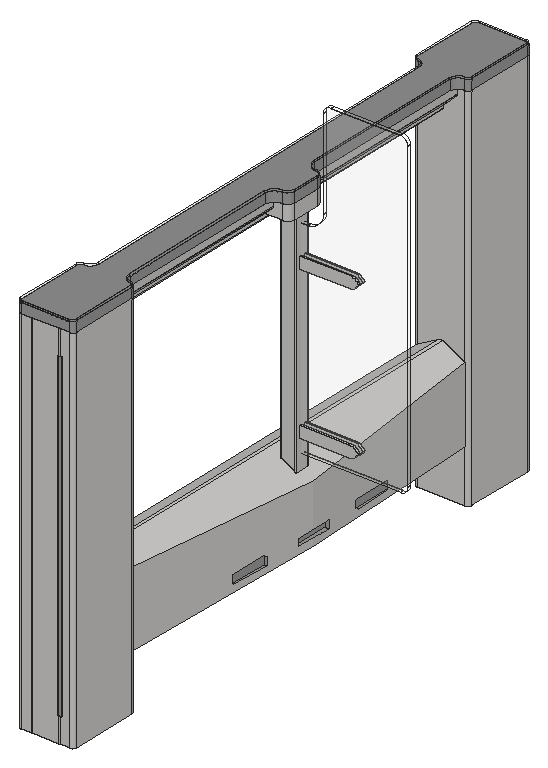
Revit family "CAME_Турникет_Скоростной_SWINGGATE_SWG55MРаздвижнойБоковойМодуль", category Специальное оборудование, Revit 2019
Family settings
  Размер круглого соединителя = Использовать диаметр
  Тип детали = Нормальный
  На основе рабочей плоскости = Нет
  Всегда вертикально = Да
  При загрузке вырезать с полостями = Нет
  Общий = Нет
  Точка расчета площади = Нет
Parameters
  х = 72.5 mm  # constant formula
  Описание = "Боковой модуль распашного турникета SWING GATE SWG55M, оснащенный платой управления и светодиодными указателями прохода и направления. Корпус - нержавеющая сталь. Сервопозиционный электропривод створки с определением препятствий и автоматической разблокировкой при отключении электроэнергии. Створка из 10 мм закаленного стекла. Ширина прохода 550 мм. Высота створки 1200 мм. Время открытия - 2 сек."
  Изготовитель = "CAME"  # constant formula
  Группа модели = "Турникеты"
  Watermark [instance] = "Модели защищены уникальным кодом"
  URL = "https://camerussia.com"
  CAME_Тип механизма турникета = "моторизованный"  # constant formula
  CAME_Напряжение электропитания двигателя (В) = 24 V  # constant formula
  CAME_Максимальное количество проходов в минуту = "30"  # constant formula
  CAME_Класс защиты (IP) = "44"  # constant formula
  CAME_Интенсивность использования (%) = "ИНТЕНСИВНОЕ"  # constant formula
  CAME_Диапазон рабочих температур (°C) = "-20 ÷ +68"  # constant formula
  CAME_Время открывания (с) = "2"  # constant formula
  BL_Разработано = "support@bimlib.pro"  # constant formula
  BL_Email = "cru.info@came.com"  # constant formula
  BL_BIM library = "https://bimlib.pro/manufacturer/came/cf0b6efe-31e5-4ffa-b7ea-1d6fa84041d4/?tab=products"
  ADSK_Размер_Ширина = 425 mm  # constant formula
  ADSK_Размер_Глубина = 1488 mm  # constant formula
  ADSK_Размер_Высота = 1000 mm  # constant formula
  ADSK_Полная мощность = ADSK_Номинальная мощность / ADSK_Коэффициент мощности  # 40.625 VA
  ADSK_Обозначение = "ТУ 26.30.50-001-89603926-2021"  # constant formula
  ADSK_Номинальная мощность = 39 W  # constant formula
  ADSK_Напряжение = 230 V  # constant formula
  ADSK_Наименование краткое = "Бок. модуль турникета SWING GATE SWG55, 550 мм, левый или правый"  # constant formula
  ADSK_Наименование = "Боковой модуль скоростного распашного турникета SWING GATE SWG55, ширина прохода 550 мм, левый или правый"  # constant formula
  ADSK_Масса_Текст = "60"  # constant formula
  ADSK_Масса = 60  # constant formula
  ADSK_Марка = "АРТ:001SWG55MS"  # constant formula
  ADSK_Коэффициент мощности = 0.96
  ADSK_Количество фаз = 1  # constant formula
  ADSK_Количество = 1  # constant formula
  ADSK_Код изделия = "Код КСР 26.30.50.119.61.2.07.09"  # constant formula
  ADSK_Классификация нагрузок = Прочее
  ADSK_Завод-изготовитель = "CAME"  # constant formula
  ADSK_Единица измерения = "шт."  # constant formula
  ADSK_Группирование = "SWING GATE"  # constant formula
  ADSK_Версия семейства = "1.0"  # constant formula
  ADSK_Версия Revit = "2019"  # constant formula
  ADSK_URL страницы изделия = "https://camerussia.com/product/001swg55ms/"
  ADSK_URL документации изделия = "https://camerussia.com/uploads/support/instructions/files/Инструкция%20Swing%20Gate%20SWG55-SWG90.pdf"
Reference planes
  plane 1 "По центру (Вперед/Назад)": y = 0
  plane 2: z = 0
  plane 3 "По центру (Влево/Вправо)": x = 0
  plane 4: y = 744
  plane 5: y = -744
  plane 6: z = 1000
  plane 7: x = 102.5
  plane 8: x = 352.5
  plane 9: x = -72.5
  plane 10: x = 72.5
  plane 11: z = 1200
  plane 12: y = 544
  plane 13: y = -544
  plane 14: z = 970
  plane 15: z = 105
  plane 16: z = 365
  plane 17: z = 312.5
  plane 18: z = 157.5
  plane 19: x = -5
  plane 20: x = 5
  plane 21: z = 930
  plane 22: z = 905
  plane 23: x = 202.5
  plane 24: x = 227.5
  plane 25: x = -36.25
  plane 26: x = 36.25
  plane 27: x = 36.25
Forms (mm)
  Extrusion 1, solid, material "CAME_Стекло_Закаленное_Черное", detail levels fine
    sketch origin (-925.693, -1524, 1000) x (-1, 0, 0) y (0, -1, 0)
      loop
        arc (-863.193, -2268) -> (-856.122, -2265.071) -> (-853.193, -2258) r 10
        line (-853.193, -2258) -> (-853.193, -2078)
        arc (-853.193, -2078) -> (-856.122, -2070.929) -> (-863.193, -2068) r 10
        arc (-863.193, -2068) -> (-879.103, -2061.41) -> (-885.693, -2045.5) r 22.5
        line (-885.693, -2045.5) -> (-885.693, -1002.5)
        arc (-885.693, -1002.5) -> (-879.103, -986.59) -> (-863.193, -980) r 22.5
        arc (-863.193, -980) -> (-856.122, -977.071) -> (-853.193, -970) r 10
        line (-853.193, -970) -> (-853.193, -790)
        arc (-853.193, -790) -> (-856.122, -782.929) -> (-863.193, -780) r 10
        line (-863.193, -780) -> (-988.193, -780)
        arc (-988.193, -780) -> (-995.264, -782.929) -> (-998.193, -790) r 10
        line (-998.193, -790) -> (-998.193, -970)
        arc (-998.193, -970) -> (-995.264, -977.071) -> (-988.193, -980) r 10
        arc (-988.193, -980) -> (-972.283, -986.59) -> (-965.693, -1002.5) r 22.5
        line (-965.693, -1002.5) -> (-965.693, -1444)
        arc (-965.693, -1444) -> (-973.016, -1461.678) -> (-990.693, -1469) r 25
        arc (-990.693, -1469) -> (-1003.053, -1474.12) -> (-1008.173, -1486.479) r 17.479
        line (-1008.173, -1486.479) -> (-1008.173, -1561.521)
        arc (-1008.173, -1561.521) -> (-1003.053, -1573.88) -> (-990.693, -1579) r 17.479
        arc (-990.693, -1579) -> (-973.016, -1586.322) -> (-965.693, -1604) r 25
        line (-965.693, -1604) -> (-965.693, -2045.5)
        arc (-965.693, -2045.5) -> (-972.283, -2061.41) -> (-988.193, -2068) r 22.5
        arc (-988.193, -2068) -> (-995.264, -2070.929) -> (-998.193, -2078) r 10
        line (-998.193, -2078) -> (-998.193, -2258)
        arc (-998.193, -2258) -> (-995.264, -2265.071) -> (-988.193, -2268) r 10
        line (-988.193, -2268) -> (-863.193, -2268)
    from 0 to -5
  Extrusion 2, solid, material "CAME_Сталь_Нержавеющая_AISI 304", detail levels fine
    sketch origin (0, 0, 0) x (1, 0, 0) y (0, 1, 0)
      loop
        arc (-72.5, -734) -> (-69.571, -741.071) -> (-62.5, -744) r 10
        line (-62.5, -744) -> (62.5, -744)
        arc (62.5, -744) -> (69.571, -741.071) -> (72.5, -734) r 10
        line (72.5, -734) -> (72.5, -554)
        arc (72.5, -554) -> (69.571, -546.929) -> (62.5, -544) r 10
        line (62.5, -544) -> (-62.5, -544)
        arc (-62.5, -544) -> (-69.571, -546.929) -> (-72.5, -554) r 10
        line (-72.5, -554) -> (-72.5, -734)
      loop
        line (-72.5, 734) -> (-72.5, 554)
        arc (-72.5, 554) -> (-69.571, 546.929) -> (-62.5, 544) r 10
        line (-62.5, 544) -> (62.5, 544)
        arc (62.5, 544) -> (69.571, 546.929) -> (72.5, 554) r 10
        line (72.5, 554) -> (72.5, 734)
        arc (72.5, 734) -> (69.571, 741.071) -> (62.5, 744) r 10
        line (62.5, 744) -> (-62.5, 744)
        arc (-62.5, 744) -> (-69.571, 741.071) -> (-72.5, 734) r 10
    from 0 to 970
  Extrusion 3, solid, material "CAME_Камень_Гранитный_SGL01", detail levels fine
    sketch origin (-925.693, -1524, 1000) x (-1, 0, 0) y (0, -1, 0)
      loop
        arc (-863.193, -2068) -> (-879.103, -2061.41) -> (-885.693, -2045.5) r 22.5
        line (-885.693, -2045.5) -> (-885.693, -1002.5)
        arc (-885.693, -1002.5) -> (-879.103, -986.59) -> (-863.193, -980) r 22.5
        arc (-863.193, -980) -> (-856.122, -977.071) -> (-853.193, -970) r 10
        line (-853.193, -970) -> (-853.193, -790)
        arc (-853.193, -790) -> (-856.122, -782.929) -> (-863.193, -780) r 10
        line (-863.193, -780) -> (-988.193, -780)
        arc (-988.193, -780) -> (-995.264, -782.929) -> (-998.193, -790) r 10
        line (-998.193, -790) -> (-998.193, -970)
        arc (-998.193, -970) -> (-995.264, -977.071) -> (-988.193, -980) r 10
        arc (-988.193, -980) -> (-972.283, -986.59) -> (-965.693, -1002.5) r 22.5
        line (-965.693, -1002.5) -> (-965.693, -1444)
        arc (-965.693, -1444) -> (-973.016, -1461.678) -> (-990.693, -1469) r 25
        arc (-990.693, -1469) -> (-1003.053, -1474.12) -> (-1008.173, -1486.479) r 17.479
        line (-1008.173, -1486.479) -> (-1008.173, -1561.521)
        arc (-1008.173, -1561.521) -> (-1003.053, -1573.88) -> (-990.693, -1579) r 17.479
        arc (-990.693, -1579) -> (-973.016, -1586.322) -> (-965.693, -1604) r 25
        line (-965.693, -1604) -> (-965.693, -2045.5)
        arc (-965.693, -2045.5) -> (-972.283, -2061.41) -> (-988.193, -2068) r 22.5
        arc (-988.193, -2068) -> (-995.264, -2070.929) -> (-998.193, -2078) r 10
        line (-998.193, -2078) -> (-998.193, -2258)
        arc (-998.193, -2258) -> (-995.264, -2265.071) -> (-988.193, -2268) r 10
        line (-988.193, -2268) -> (-863.193, -2268)
        arc (-863.193, -2268) -> (-856.122, -2265.071) -> (-853.193, -2258) r 10
        line (-853.193, -2258) -> (-853.193, -2078)
        arc (-853.193, -2078) -> (-856.122, -2070.929) -> (-863.193, -2068) r 10
    from -5 to -30
  Extrusion 4, solid, material "CAME_Сталь_Нержавеющая_AISI 304", detail levels fine
    sketch origin (-474.43, -1524, 105) x (-1, 0, 0) y (0, -1, 0)
      loop
        line (-411.93, -2068) -> (-411.93, -980) -> (-536.93, -980)
        arc (-536.93, -980) -> (-576.93, -1524) -> (-536.93, -2068) r 3719.2
        line (-536.93, -2068) -> (-411.93, -2068)
    from 0 to 260
  Extrusion 5, void
    sketch origin (0, 0, 0) x (-1, 0, 0) y (0, 0, 1)
      loop
        line (-5, 365) -> (-102.5, 365) -> (-102.5, 310.955) -> (-5, 365)
      loop
        line (5, 365) -> (105, 309.569) -> (105, 365) -> (5, 365)
      loop
        line (-5, 105) -> (-102.5, 159.045) -> (-102.5, 105) -> (-5, 105)
      loop
        line (5, 105) -> (105, 105) -> (105, 160.431) -> (5, 105)
    from -554 to 554
  Extrusion 6, solid, material "CAME_Сталь_Нержавеющая_AISI 304", detail levels fine
    sketch origin (0, 0, 0) x (1, 0, 0) y (0, 0, 1)
      loop
        line (-40, 970) -> (-40, 952.071)
        arc (-40, 952.071) -> (-39.619, 950.158) -> (-38.536, 948.536) r 5
        line (-38.536, 948.536) -> (-21.464, 931.464)
        arc (-21.464, 931.464) -> (-19.842, 930.381) -> (-17.929, 930) r 5
        line (-17.929, 930) -> (-10, 930)
        arc (-10, 930) -> (-6.464, 928.536) -> (-5, 925) r 5
        line (-5, 925) -> (-5, 907.019)
        arc (-5, 907.019) -> (-4.409, 905.591) -> (-2.981, 905) r 2.019
        line (-2.981, 905) -> (3, 905)
        arc (3, 905) -> (4.414, 905.586) -> (5, 907) r 2
        line (5, 907) -> (5, 925)
        arc (5, 925) -> (6.464, 928.536) -> (10, 930) r 5
        line (10, 930) -> (17.929, 930)
        arc (17.929, 930) -> (19.842, 930.381) -> (21.464, 931.464) r 5
        line (21.464, 931.464) -> (38.536, 948.536)
        arc (38.536, 948.536) -> (39.619, 950.158) -> (40, 952.071) r 5
        line (40, 952.071) -> (40, 970) -> (-40, 970)
    from -544 to 544
  Extrusion 7, solid, material "CAME_Сталь_Нержавеющая_AISI 304", detail levels fine
    sketch origin (-925.693, -1524, 970) x (-1, 0, 0) y (0, -1, 0)
      loop
        arc (-1008.173, -1561.521) -> (-1003.053, -1573.88) -> (-990.693, -1579) r 17.479
        line (-990.693, -1579) -> (-885.693, -1579) -> (-885.693, -1469) -> (-990.693, -1469)
        arc (-990.693, -1469) -> (-1003.053, -1474.12) -> (-1008.173, -1486.479) r 17.479
        line (-1008.173, -1486.479) -> (-1008.173, -1561.521)
    from 0 to -40
  Extrusion 8, solid, material "CAME_Сталь_Нержавеющая_AISI 304", detail levels fine
    sketch origin (-435.329, -1524, 930) x (-1, 0, 0) y (0, -1, 0)
      loop
        arc (-469.829, -1544) -> (-468.415, -1543.414) -> (-467.829, -1542) r 2
        line (-467.829, -1542) -> (-467.829, -1506)
        arc (-467.829, -1506) -> (-468.415, -1504.586) -> (-469.829, -1504) r 2
        line (-469.829, -1504) -> (-505.829, -1504)
        arc (-505.829, -1504) -> (-507.244, -1504.586) -> (-507.829, -1506) r 2
        line (-507.829, -1506) -> (-507.829, -1542)
        arc (-507.829, -1542) -> (-507.244, -1543.414) -> (-505.829, -1544) r 2
        line (-505.829, -1544) -> (-469.829, -1544)
    from 0 to -617.5
  Extrusion 9, solid, material "CAME_Стекло_Закаленное", detail levels medium+fine
    sketch origin (0, 0, 0) x (1, 0, 0) y (0, 0, 1)
      loop
        line (72.5, 365) -> (332.5, 365)
        arc (332.5, 365) -> (346.642, 370.858) -> (352.5, 385) r 20
        line (352.5, 385) -> (352.5, 1180)
        arc (352.5, 1180) -> (346.642, 1194.142) -> (332.5, 1200) r 20
        line (332.5, 1200) -> (152.5, 1200)
        arc (152.5, 1200) -> (138.358, 1194.142) -> (132.5, 1180) r 20
        line (132.5, 1180) -> (132.5, 945)
        arc (132.5, 945) -> (120.784, 916.716) -> (92.5, 905) r 40
        line (92.5, 905) -> (72.5, 905) -> (72.5, 365)
    from -5 to 5
  Extrusion 10, solid, material "CAME_Сталь_Нержавеющая_AISI 304", detail levels fine
    sketch origin (0, 0, 0) x (1, 0, 0) y (0, 0, 1)
      loop
        line (72.5, 405) -> (202.5, 405)
        arc (202.5, 405) -> (217.077, 409.038) -> (227.5, 420) r 28.333
        arc (227.5, 420) -> (217.077, 430.962) -> (202.5, 435) r 28.333
        line (202.5, 435) -> (72.5, 435) -> (72.5, 405)
      loop
        line (72.5, 830) -> (72.5, 800) -> (202.5, 800)
        arc (202.5, 800) -> (217.077, 804.038) -> (227.5, 815) r 28.333
        arc (227.5, 815) -> (217.077, 825.962) -> (202.5, 830) r 28.333
        line (202.5, 830) -> (72.5, 830)
    from 5 to 10
  Extrusion 11, solid, material "CAME_Сталь_Нержавеющая_AISI 304", detail levels fine
    sketch origin (0, 0, 0) x (1, 0, 0) y (0, 0, 1)
      loop
        line (202.5, 435) -> (72.5, 435) -> (72.5, 405) -> (202.5, 405)
        arc (202.5, 405) -> (217.077, 409.038) -> (227.5, 420) r 28.333
        arc (227.5, 420) -> (217.077, 430.962) -> (202.5, 435) r 28.333
      loop
        line (72.5, 800) -> (202.5, 800)
        arc (202.5, 800) -> (217.077, 804.038) -> (227.5, 815) r 28.333
        arc (227.5, 815) -> (217.077, 825.962) -> (202.5, 830) r 28.333
        line (202.5, 830) -> (72.5, 830) -> (72.5, 800)
    from -10 to -5
  Extrusion 12, void
    sketch origin (102.5, 921.151, 1200) x (0, -1, 0) y (0, 0, 1)
      loop
        line (871.151, -1002.5) -> (871.151, -1022.5) -> (971.151, -1022.5) -> (971.151, -1002.5) -> (871.151, -1002.5)
      loop
        line (1071.151, -1002.5) -> (1071.151, -1022.5) -> (1171.151, -1022.5) -> (1171.151, -1002.5) -> (1071.151, -1002.5)
      loop
        line (771.151, -1002.5) -> (671.151, -1002.5) -> (671.151, -1022.5) -> (771.151, -1022.5) -> (771.151, -1002.5)
    from 0 to 10.5
  Extrusion 13, void
    sketch origin (0, 0, 0) x (1, 0, 0) y (0, 1, 0)
      loop
        arc (-34.75, -744) -> (-36.25, -742.5) -> (-37.75, -744) r 1.5
        line (-37.75, -744) -> (-34.75, -744)
      loop
        arc (37.75, -744) -> (36.25, -742.5) -> (34.75, -744) r 1.5
        line (34.75, -744) -> (37.75, -744)
      loop
        line (-34.75, 744) -> (-37.75, 744)
        arc (-37.75, 744) -> (-36.25, 742.5) -> (-34.75, 744) r 1.5
      loop
        line (37.75, 744) -> (34.75, 744)
        arc (34.75, 744) -> (36.25, 742.5) -> (37.75, 744) r 1.5
    from 0 to 970
  Extrusion 14, void
    sketch origin (0, 0, 0) x (1, 0, 0) y (0, 1, 0)
      loop
        line (31.25, -744) -> (41.25, -744) -> (41.25, -739) -> (31.25, -739) -> (31.25, -744)
      loop
        line (31.25, 744) -> (31.25, 739) -> (41.25, 739) -> (41.25, 744) -> (31.25, 744)
    from 65 to 905
  Extrusion 15, solid, material "Индикатор синий", detail levels fine
    sketch origin (0, 0, 0) x (1, 0, 0) y (0, 1, 0)
      loop
        line (31.25, 744) -> (31.25, 739) -> (41.25, 739) -> (41.25, 744) -> (31.25, 744)
      loop
        line (31.25, -739) -> (31.25, -744) -> (41.25, -744) -> (41.25, -739) -> (31.25, -739)
    from 65 to 905
  Extrusion 16, solid, material "CAME_Сталь_Нержавеющая_AISI 304", detail levels medium
    sketch origin (0, 0, 0) x (0, 1, 0) y (0, 0, 1)
      loop
        line (744, 0) -> (744, 1000) -> (-744, 1000) -> (-744, 0) -> (-544, 0) -> (-544, 105) -> (544, 105) -> (544, 0) -> (744, 0)
      loop
        line (-544, 365) -> (-20, 365) -> (-20, 905) -> (-544, 905) -> (-544, 365)
      loop
        line (544, 905) -> (20, 905) -> (20, 365) -> (544, 365) -> (544, 905)
    from -72.5 to 72.5
Cuts and joins
  Extrusion 12, Extrusion 13, Extrusion 14 cuts Extrusion 2
  Extrusion 5, Extrusion 12 cuts Extrusion 4
  Extrusion 12 cuts Extrusion 8
  joined: Extrusion 2, Extrusion 4, Extrusion 8
  joined: Extrusion 6, Extrusion 7
Lines and regions (mm)
  model lines, style "CAME", detail levels coarse
    curve 1: line (-40, -544, 0) -> (-40, 544, 0)
    curve 2: line (40, -544, 0) -> (40, 544, 0)
    curve 3: line (-72.5, 744, 0) -> (72.5, 744, 0)
    curve 4: line (-72.5, 544, 0) -> (-72.5, 744, 0)
    curve 5: line (72.5, 544, 0) -> (40, 544, 0)
    curve 6: line (72.5, 744, 0) -> (72.5, 544, 0)
    curve 7: line (-72.5, -744, 0) -> (72.5, -744, 0)
    curve 8: line (-72.5, -544, 0) -> (-72.5, -744, 0)
    curve 9: line (72.5, -544, 0) -> (40, -544, 0)
    curve 10: line (72.5, -744, 0) -> (72.5, -544, 0)
    curve 11: line (40, 0, 0) -> (352.5, 0, 0)
    curve 12: line (-40, -544, 0) -> (-72.5, -544, 0)
    curve 13: line (-40, 544, 0) -> (-72.5, 544, 0)
Dimensions and locks
  equal spacing: plane 5, plane 1 "По центру (Вперед/Назад)", plane 4
  "ADSK_Размер_Глубина": plane 5 to plane 4
  "ADSK_Размер_Высота": plane 6 to plane 2
  locked: plane 9 to plane 7 at 175
  "х": plane 9 to plane 3 "По центру (Влево/Вправо)" to plane 10
  locked: plane 11 to plane 2 at 1200
  locked: plane 4 to plane 12 at 200
  locked: plane 13 to plane 5 at 200
  Extrusion 1 sketch curve to plane 3 "По центру (Влево/Вправо)" to Extrusion 1 sketch curve = 40 mm locked, 40 mm locked
  locked: plane 3 "По центру (Влево/Вправо)" to Extrusion 1 sketch curve at 82.479
  locked: plane 6 to plane 14 at 30
  locked: plane 5 to Extrusion 2 sketch curve at 200
  locked: plane 4 to Extrusion 2 sketch curve at 200
  locked: plane 16 to plane 15 at 260
  locked: plane 17 to plane 18 at 155
  locked: plane 15 to plane 2 at 105
  locked: plane 18 to plane 15 at 52.5
  plane 19 to plane 3 "По центру (Влево/Вправо)" to plane 20 = 5 mm locked, 5 mm locked
  locked: plane 14 to plane 21 at 40
  locked: plane 14 to plane 22 at 65
  Extrusion 6 sketch curve to Extrusion 6 sketch curve to Extrusion 6 sketch curve to Extrusion 6 sketch curve to Extrusion 6 sketch curve to plane 3 "По центру (Влево/Вправо)" to Extrusion 6 sketch curve to Extrusion 6 sketch curve to Extrusion 6 sketch curve to Extrusion 6 sketch curve to Extrusion 6 sketch curve = 5 mm locked, 17.071 mm locked, 7.929 mm locked, 5 mm locked, 5 mm locked, 5 mm locked, 5 mm locked, 7.929 mm locked, 17.071 mm locked, 5 mm locked
  Extrusion 6 sketch curve to Extrusion 6 sketch curve to plane 21 to Extrusion 6 sketch curve = 17.071 mm locked, 5 mm locked, 5 mm locked  (x2)
  locked: Extrusion 4 sketch curve to plane 4 at 200
  locked: plane 5 to Extrusion 4 sketch curve at 200
  Extrusion 4 sketch curve to plane 3 "По центру (Влево/Вправо)" to Extrusion 4 sketch curve = 62.5 mm locked, 62.5 mm locked  (x2)
  plane 3 "По центру (Влево/Вправо)" to Extrusion 8 sketch curve to Extrusion 8 sketch curve = 32.5 mm locked, 40 mm locked
  locked: Extrusion 9 sketch curve to Extrusion 9 sketch curve at 220
  Extrusion 10 sketch curve to Extrusion 10 sketch curve to plane 16 = 30 mm locked, 40 mm locked
  plane 22 to Extrusion 10 sketch curve to Extrusion 10 sketch curve = 75 mm locked, 30 mm locked
  Extrusion 12 sketch curve to Extrusion 12 sketch curve to plane 18 = 20 mm locked, 20 mm locked
  Extrusion 12 sketch curve to Extrusion 12 sketch curve to Extrusion 12 sketch curve to plane 1 "По центру (Вперед/Назад)" to Extrusion 12 sketch curve to Extrusion 12 sketch curve to Extrusion 12 sketch curve = 100 mm locked, 100 mm locked, 50 mm locked, 50 mm locked, 100 mm locked, 100 mm locked
  plane 9 to plane 25 to plane 3 "По центру (Влево/Вправо)" to plane 26 to plane 10 = 36.25 mm, 36.25 mm, 36.25 mm, 36.25 mm
  plane 3 "По центру (Влево/Вправо)" to plane 27 to plane 10 = 36.25 mm, 36.25 mm
  locked: plane 5 to Extrusion 14 sketch curve at 5
  Extrusion 14 sketch curve to plane 27 to Extrusion 14 sketch curve = 5 mm locked, 5 mm locked  (x2)
  locked: plane 4 to Extrusion 16 sketch curve at 200
  locked: Extrusion 16 sketch curve to plane 5 at 200
  Extrusion 16 sketch curve to plane 1 "По центру (Вперед/Назад)" to Extrusion 16 sketch curve = 20 mm locked, 20 mm locked
  locked: plane 5 to curve 12 at 200
  plane 4 to curve 13 = 200 mm
  curve 1 to plane 3 "По центру (Влево/Вправо)" to curve 2 = 40 mm locked, 40 mm locked
  Extrusion 8 sketch curve to plane 1 "По центру (Вперед/Назад)" to Extrusion 8 sketch curve = 20 mm locked, 20 mm locked
  plane 9 to Extrusion 4 sketch curve = 10 mm
  "ADSK_Размер_Ширина": plane 9 to plane 8
  radius of Extrusion 1 sketch curve = 10 mm  (x2)
  radius of Extrusion 1 sketch curve = 25 mm  (x2)
  radius of Extrusion 2 sketch curve = 10 mm  (x4)
  radius of Extrusion 6 sketch curve = 5 mm  (x6)
  radius of Extrusion 6 sketch curve = 2.019 mm
  radius of Extrusion 6 sketch curve = 2 mm
  radius of Extrusion 9 sketch curve = 20 mm  (x3)
  radius of Extrusion 9 sketch curve = 40 mm
  locked: plane 16 to Extrusion 5 sketch curve (angle 29.00°)
  locked: Extrusion 5 sketch curve to plane 16 (angle 29.00°)
  locked: Extrusion 5 sketch curve to plane 15 (angle 29.00°)
  locked: plane 15 to Extrusion 5 sketch curve (angle 29.00°)
  aligned and locked: level to plane 2
  aligned and locked: plane 5 to Extrusion 1 sketch curve
  aligned and locked: Extrusion 1 sketch curve to plane 9
  aligned and locked: plane 10 to Extrusion 1 sketch curve
  aligned and locked: Extrusion 1 sketch curve to plane 4
  aligned and locked: Extrusion 1 sketch curve to plane 10
  aligned and locked: plane 9 to Extrusion 1 sketch curve
  aligned and locked: Extrusion 1 sketch curve to Extrusion 1 sketch curve
  aligned and locked: Extrusion 2 sketch curve to Extrusion 1  (x4)
  aligned and locked: Extrusion 1 to Extrusion 2 sketch curve  (x2)
  aligned and locked: plane 13 to Extrusion 1 sketch curve  (x2)
  aligned and locked: plane 12 to Extrusion 1 sketch curve  (x2)
  aligned and locked: Extrusion 3 sketch curve to Extrusion 1  (x16)
  aligned and locked: Extrusion 3 to plane 14
  aligned and locked: Extrusion 4 to plane 16
  aligned and locked: Extrusion 4 to plane 15
  aligned and locked: plane 16 to Extrusion 5 sketch curve
  aligned and locked: Extrusion 5 sketch curve to plane 16
  aligned and locked: plane 7 to Extrusion 5 sketch curve
  aligned and locked: plane 19 to Extrusion 5 sketch curve  (x2)
  aligned and locked: plane 20 to Extrusion 5 sketch curve  (x2)
  aligned and locked: plane 15 to Extrusion 5 sketch curve
  aligned and locked: Extrusion 5 sketch curve to plane 15
  aligned and locked: Extrusion 5 sketch curve to plane 7
  aligned and locked: plane 22 to Extrusion 6 sketch curve
  aligned and locked: Extrusion 6 sketch curve to plane 14
  aligned and locked: Extrusion 7 sketch curve to Extrusion 1  (x2)
  aligned and locked: Extrusion 7 to plane 21
  aligned and locked: plane 21 to Extrusion 8
  aligned and locked: Extrusion 8 to plane 17
  aligned and locked: plane 11 to Extrusion 9 sketch curve
  aligned and locked: Extrusion 9 sketch curve to plane 8
  aligned and locked: plane 16 to Extrusion 9 sketch curve
  aligned and locked: plane 10 to Extrusion 9 sketch curve
  aligned and locked: Extrusion 9 sketch curve to plane 22
  aligned and locked: Extrusion 10 sketch curve to plane 23  (x3)
  aligned and locked: Extrusion 10 sketch curve to plane 24
  aligned and locked: plane 10 to Extrusion 10 sketch curve
  aligned and locked: Extrusion 10 sketch curve to plane 10
  aligned and locked: plane 23 to Extrusion 10 sketch curve
  aligned and locked: plane 24 to Extrusion 10 sketch curve
  aligned and locked: Extrusion 11 sketch curve to Extrusion 10  (x8)
  aligned and locked: Extrusion 12 sketch curve to Extrusion 12 sketch curve  (x4)
  aligned and locked: plane 25 to Extrusion 13 sketch curve  (x2)
  aligned and locked: plane 26 to Extrusion 13 sketch curve  (x2)
  aligned and locked: plane 5 to Extrusion 13 sketch curve  (x4)
  aligned and locked: plane 4 to Extrusion 13 sketch curve  (x2)
  aligned and locked: Extrusion 13 sketch curve to plane 4  (x2)
  aligned and locked: plane 14 to Extrusion 13
  aligned and locked: plane 5 to Extrusion 14 sketch curve
  aligned and locked: Extrusion 14 sketch curve to plane 4
  aligned and locked: Extrusion 14 to plane 22
  aligned and locked: Extrusion 15 sketch curve to cut or joined group of Extrusion 2, Extrusion 4, Extrusion 5, Extrusion 8, Extrusion 12, Extrusion 13, Extrusion 14  (x6)
  aligned and locked: Extrusion 15 sketch curve to plane 5
  aligned and locked: Extrusion 15 to cut or joined group of Extrusion 2, Extrusion 4, Extrusion 5, Extrusion 8, Extrusion 12, Extrusion 13, Extrusion 14
  aligned and locked: Extrusion 16 sketch curve to plane 6
  aligned and locked: plane 22 to Extrusion 16 sketch curve  (x2)
  aligned and locked: Extrusion 16 sketch curve to plane 4
  aligned and locked: Extrusion 16 sketch curve to plane 5
  aligned and locked: plane 2 to Extrusion 16 sketch curve
  aligned and locked: Extrusion 16 sketch curve to plane 2
  aligned and locked: Extrusion 16 sketch curve to Extrusion 16 sketch curve  (x2)
  aligned and locked: Extrusion 16 sketch curve to plane 16  (x2)
  aligned and locked: Extrusion 16 sketch curve to plane 15
  aligned and locked: plane 8 to curve 11
  aligned and locked: plane 1 "По центру (Вперед/Назад)" to curve 11
  aligned and locked: curve 3 to plane 4
  aligned and locked: curve 4 to plane 9
  aligned and locked: curve 6 to plane 10
  aligned and locked: plane 5 to curve 7
  aligned and locked: plane 10 to curve 10
  aligned and locked: plane 9 to curve 8
  aligned and locked: curve 9 to curve 12
  aligned and locked: curve 5 to curve 13
  aligned and locked: Extrusion 1 to Extrusion 7 sketch curve
Automatic sketch dimensions
  Extrusion 8 sketch curve to plane 10 = 2 mm  (x2)
  Extrusion 8 sketch curve to Extrusion 8 sketch curve = 2 mm  (x2)
  Extrusion 13 sketch curve to Extrusion 13 sketch curve = 1.5 mm  (x4)
  plane 21 to Extrusion 6 sketch curve = 18.536 mm  (x2)
  plane 21 to Extrusion 6 sketch curve = 1.464 mm  (x2)
  Extrusion 10 sketch curve to Extrusion 10 sketch curve = 1.667 mm  (x2)
  Extrusion 15 sketch curve to plane 4 = 0 mm
  Extrusion 1 sketch curve to plane 13 = 0 mm  (x2)
  Extrusion 1 sketch curve to plane 12 = 0 mm  (x2)
  Extrusion 1 sketch curve to plane 10 = 10 mm  (x2)
  Extrusion 1 sketch curve to plane 5 = 10 mm  (x2)
  Extrusion 1 sketch curve to plane 9 = 10 mm  (x2)
  Extrusion 1 sketch curve to plane 1 "По центру (Вперед/Назад)" = 80 mm
  Extrusion 1 sketch curve to Extrusion 1 sketch curve = 17.479 mm
  plane 1 "По центру (Вперед/Назад)" to Extrusion 1 sketch curve = 37.521 mm
  Extrusion 1 sketch curve to Extrusion 1 sketch curve = 25 mm
  Extrusion 5 sketch curve to plane 17 = 2.931 mm
  plane 9 to Extrusion 5 sketch curve = 32.5 mm
  Extrusion 14 sketch curve to Extrusion 14 sketch curve = 5 mm
  plane 9 to Extrusion 4 sketch curve = 3544.2 mm
Connectors
  electrical at (0, -677.333, 0), driven by "ADSK_Количество фаз", driven by "ADSK_Классификация нагрузок", driven by "ADSK_Напряжение", driven by "ADSK_Полная мощность", driven by "ADSK_Коэффициент мощности"
    settings: on cut or joined group of Extrusion 2, Extrusion 4, Extrusion 5, Extrusion 8, Extrusion 12, Extrusion 13, Extrusion 14, index 1, voltage 230 V, apparent load 0 VA, apparent load phase1 40.625 VA, apparent load phase2 0 VA, apparent load phase3 0 VA, power factor 0.96, load classification "Прочее", number of poles 1, system type 31, power factor state 1, is connector primary yes, connector utility no, sub classification motor no, connector description ""
